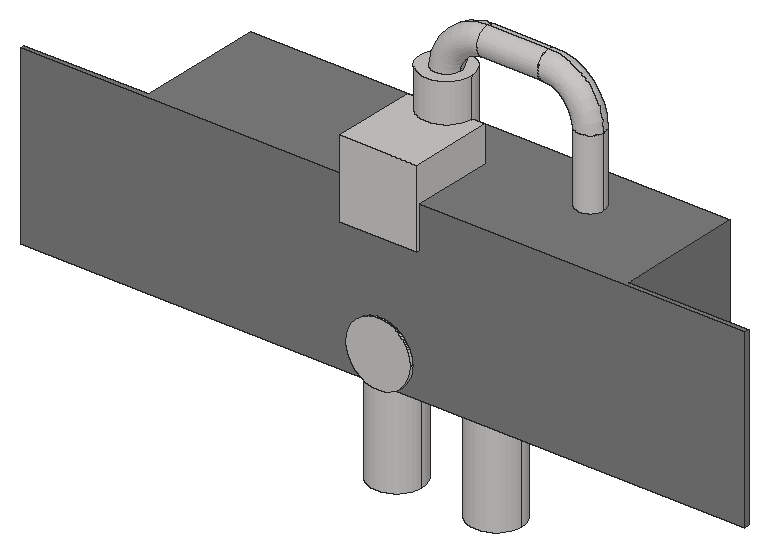
Revit family "300", category Generic Models, Revit 2021
Family settings
  Can host rebar = No
  Round Connector Dimension = Use Diameter
  Part Type = Normal
  Work Plane-Based = No
  Always vertical = Yes
  Cut with Voids When Loaded = No
  Shared = No
  Room Calculation Point = No
Parameters (values of type "Standard")
  e-mail = "info@vola.com"
  URL = "http://vola.com"
  Telephone = "+45 7023 5500"
  Quality management standard = "ISO 9001"
  Organisation no. / DUNS no. = "17531328"
  Occupational health and safety management standard = "ISO 18001"
  Mounting Instructions = "http://vola.com/service/producturl.ashx?name=300"
  Model = "300"
  Materials and components information = "http://vola.com/service/producturl.ashx?name=300"
  Manufacturer = "VOLA A/S"
  Maintenance Instructions = "http://vola.com/service/producturl.ashx?name=300"
  Guarantee = "2 years"
  Flow = "17,00 l/min"
  Environmental management standard = "ISO 14000"
  Default Elevation = 0.00 mm
  Connection - All relevant connections = ""
  Approvals = "http://vola.com/service/producturl.ashx?name=300"
Reference planes
  plane 1 "Center (Front/Back)": y = 0
  plane 2: z = 0
  plane 3 "Center (Left/Right)": x = 0
  plane 4 "Front Plane": y = -72.7
  plane 5 "Inlet Center Plane": y = -26.7
  plane 6: z = 167.5
Forms (mm)
  Extrusion 1, solid, material "Stainless Steel"
    sketch origin (1071.5, -3.5, 98.5) x (-1, 0, 0) y (0, 0, -1)
      loop
        line (1092.5, -90) -> (1092.5, -48) -> (1050.5, -48) -> (1050.5, -90) -> (1092.5, -90)
    from 23.2 to 69.2
  Extrusion 2, solid, material "Default"
    sketch origin (0, -1, 52.75) x (1, 0, 0) y (0, 1, 0)
      loop
        line (-127.5, 1) -> (-127.5, -68) -> (132.5, -68) -> (132.5, 1) -> (-127.5, 1)
    from 21.5 to 116.5
  Extrusion 3, solid, material "Stainless Steel"
    sketch origin (0, -1.7, 74.25) x (0, 1, 0) y (1, 0, 0)
      loop
        circle (-25, 27) r 14
    from 0 to 74.25
  Extrusion 4, solid, material "Stainless Steel"
    sketch origin (-54, -1.7, 74.25) x (0, 1, 0) y (1, 0, 0)
      loop
        circle (-25, 27) r 14
    from 0 to 74.25
  Extrusion 5, solid, material "Default"
    sketch origin (0, -1, 52.75) x (1, 0, 0) y (0, 1, 0)
      loop
        line (-195, -68) -> (-195, -70.5) -> (197.5, -70.5) -> (197.5, -68) -> (-195, -68)
    from 21.5 to 116.5
  Extrusion 6, solid, material "Stainless Steel"
    sketch origin (1071.5, -3.5, 20.5) x (-1, 0, 0) y (0, 0, -1)
      loop
        circle (1071.5, -69) r 17.5
    from 7.25 to 69.2
  Extrusion 7, solid, material "Stainless Steel"
    sketch origin (0, -1, 169.25) x (1, 0, 0) y (0, 1, 0)
      loop
        circle (0, -25.7) r 14
    from 0 to 40.25
  Extrusion 8, void
    sketch origin (0, 0, 0) x (0, 1, 0) y (0, 0, 1)
      loop
        line (0, 169.25) -> (-71.5, 169.25) -> (-71.5, 74.25) -> (0, 74.25) -> (0, 169.25)
    from -27 to 30.523
  Sweep 9, solid, material "Stainless Steel"
    path origin (0, -26.7, 0) x (-1, 0, 0) y (0, 0, 1)
      loop
        arc (0, 207) -> (-6.59, 222.91) -> (-22.5, 229.5) r 22.5
        line (-22.5, 229.5) -> (-55.5, 229.5)
        arc (-55.5, 229.5) -> (-71.41, 222.91) -> (-78, 207) r 22.5
        line (-78, 207) -> (-78, 169.25)
    profile origin (39, -26.7, 229.5) x (0, 0, -1) y (0, 1, 0)
      loop
        circle (0, 0) r 7.5
Cuts and joins
  joined: Extrusion 2, Extrusion 5
  Extrusion 8 cuts Extrusion 1
  joined: Extrusion 1, Extrusion 7, Sweep 9
  Extrusion 8 cuts Extrusion 6
Lines and regions (mm)
  reference lines
    curve 1: line (0, -26, 167.5) -> (0, -123.5, 167.5)
    curve 2: line (-27, -26.7, 167.5) -> (-27, -26.7, 22.75)
    curve 3: line (27, -26.7, 167.5) -> (27, -26.7, 22.75)
    curve 4: line (0, -26, 89.5) -> (0, -123.5, 89.5)
Dimensions and locks
  aligned and locked: plane 2 to level
  aligned and locked: plane 6 to curve 3
  aligned and locked: plane 6 to curve 2
  aligned and locked: Extrusion 2 to Extrusion 5
  aligned and locked: Extrusion 5 to Extrusion 2
